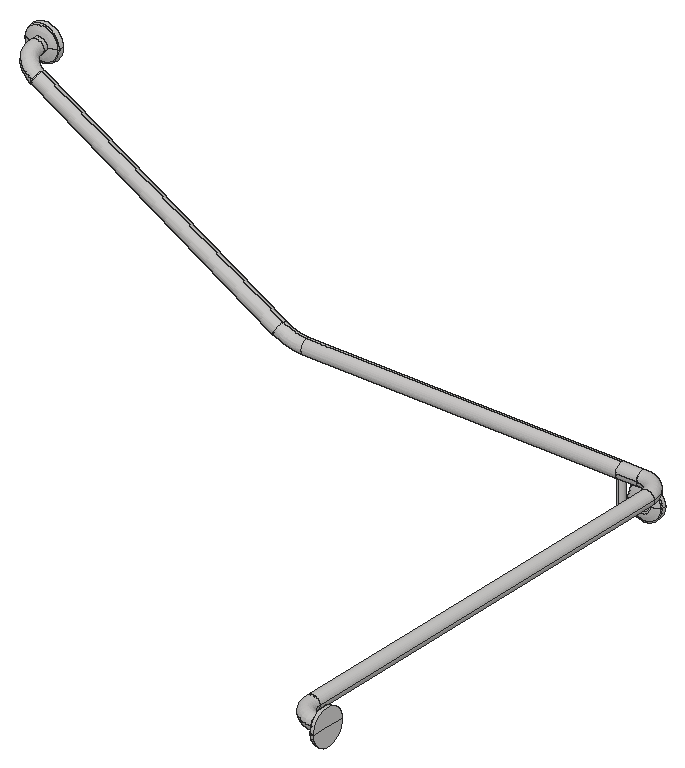
Revit family "Grab Rail_Metlam_30 Deg_Wrap Around_Right", category Specialty Equipment, Revit 2016
Family settings
  Part Type = Normal
  Round Connector Dimension = Use Diameter
  OmniClass Number = 23.40.20.21.47
  OmniClass Title = Bath Grab Bars
  Work Plane-Based = No
  Always vertical = Yes
  Cut with Voids When Loaded = No
  Shared = No
  Room Calculation Point = Yes
Parameters (values of type "1522w x 1116d x 382h (MLR114MKII)")
  Width = 1522 mm  # constant formula
  URL = "http://www.metlam.com.au/"
  Type Comments = "Grab Rails"  # constant formula
  Model = "MLR114MKII"
  Material_ANZRS = z_Metlam_Metal_Stainless Steel_Satin
  Manufacturer_Width = Width - 16 mm  # 1506 mm
  Manufacturer_URL__Product Specific = "https://www.metlam.com.au/product/content/grab-rails/MLR114MKII"
  Manufacturer_Spec Code = Model  # "MLR114MKII"
  Manufacturer_Height From FFL [instance] = 800 mm
  Manufacturer_Height = Height - 32 mm  # 350 mm
  Manufacturer_Depth = Depth - 16 mm  # 1100 mm
  Manufacturer = "Metlam"  # constant formula
  Keynote = ""
  Height = 382 mm  # constant formula
  Description = "30° Flush Mount Wrap Around Grab Rail RH"  # constant formula
  Depth = 1116 mm  # constant formula
  CreatedBy_ANZRS = "IGS BIM Solutions"  # constant formula
  CreatedByURL_ANZRS = "http://www.igsgroup.com.au/"
  Assembly Code = ""
Reference planes
  plane 1 "Ref. Level": z = 0
  plane 2 "Left Wall Mount_Centre (Elevation)": z = 784
  plane 3 "Middle Wall Mount_Centre (Elevation)": z = 691
  plane 4 "Bottom": z = 653
  plane 5 "Back": y = 610
  plane 6 "Right Wall Mount_Centre (Front/Back)": y = -490
  plane 7 "Right Wall Mount_Centre (Elevation)": z = 1134
  plane 8 "Top": z = 1173
  plane 9 "Angled Rail_Top": z = 1150
  plane 10 "Horizontal Rail_Bottom": z = 768
  plane 11 "Mounting Height": z = 800
  plane 12 "Horizontal Rail_Front": y = 520
  plane 13 "Front": y = -529
  plane 14 "Horizontal Rail End_Front": y = -506
  plane 15 "Horizontal Rail End_Back": y = -474
  plane 16 "Left Wall Mount_Centre (Left/Right)": x = -2104
  plane 17 "Right": x = -598
  plane 18 "Middle Wall Mount_Centre (Left/Right)": x = -768
  plane 19 "Angled Rail_Right": x = -2088
  plane 20 "Angled Rail_Left": x = -2120
  plane 21 "Left": x = -2143
  plane 22 "Horizontal Rail_Left": x = -688.218
Forms (mm)
  Sweep 1, solid, material "z_Metlam_Metal_Stainless Steel_Satin" <- "Material_ANZRS"
    path origin (-1029.969, 0, 784) x (0, -1, 0) y (-1, 0, 0)
      loop
        line (490, -408.969) -> (490, -407.751)
        arc (490, -407.751) -> (475.355, -372.396) -> (440, -357.751) r 50
        line (440, -357.751) -> (-486, -357.751)
        arc (-486, -357.751) -> (-521.355, -343.107) -> (-536, -307.751) r 50
        line (-536, -307.751) -> (-536, -261.969)
    profile origin (-621.609, -490, 784) x (0, -1, 0) y (0, 0, 1)
      loop
        circle (0, 0) r 16
  Revolve 2, solid, material "z_Metlam_Metal_Stainless Steel_Satin" <- "Material_ANZRS"
    sketch origin (-1196, 0, 1134) x (1, 0, 0) y (0, -1, 0)
      loop
        arc (-871.743, -599.373) -> (-881.591, -595.611) -> (-892, -593.938) r 51.397
        line (-892, -593.938) -> (-908, -593.938) -> (-908, -610) -> (-869, -610) -> (-870.401, -601.21)
        arc (-870.401, -601.21) -> (-870.851, -600.13) -> (-871.743, -599.373) r 2.5
      axis (-908, -593.938) -> (-908, -610)
    angle from 0 to 360
  Revolve 3, solid, material "z_Metlam_Metal_Stainless Steel_Satin" <- "Material_ANZRS"
    sketch origin (-2641.595, -1648, 784) x (1, 0, 0) y (0, 1, 0)
      loop
        line (2027.564, 1174) -> (2020.595, 1174) -> (2020.595, 1158) -> (2043.595, 1158) -> (2043.595, 1197) -> (2034.836, 1195.599)
        arc (2034.836, 1195.599) -> (2033.757, 1195.149) -> (2033, 1194.257) r 2.5
        arc (2033, 1194.257) -> (2029.238, 1184.409) -> (2027.564, 1174) r 51.397
      axis (2020.595, 1158) -> (2043.595, 1158)
    angle from 0 to 360
  Revolve 4, solid, material "z_Metlam_Metal_Stainless Steel_Satin" <- "Material_ANZRS"
    sketch origin (-768, 610, 691) x (1, 0, 0) y (0, -1, 0)
      loop
        line (38, 0) -> (37.609, 8.494)
        arc (37.609, 8.494) -> (37.213, 9.734) -> (36.246, 10.607) r 2.5
        arc (36.246, 10.607) -> (27.366, 14.116) -> (17.983, 15.888) r 50.422
        arc (17.983, 15.888) -> (16.426, 15.995) -> (14.865, 16.031) r 34
        line (14.865, 16.031) -> (0, 16.031) -> (0, 0) -> (38, 0)
      axis (0, 0) -> (0, 16.031)
    angle from 0 to 360
  Sweep 5, solid, material "z_Metlam_Metal_Stainless Steel_Satin" <- "Material_ANZRS"
    path origin (-768, 0, 0) x (0, 1, 0) y (0, 0, 1)
      loop
        line (593.969, 691) -> (561, 691)
        arc (561, 691) -> (543.322, 698.322) -> (536, 716) r 25
        line (536, 716) -> (536, 784)
    profile origin (-768, 577.485, 691) x (0, 0, 1) y (-1, 0, 0)
      loop
        circle (0, 0) r 7.5
  Sweep 6, solid, material "z_Metlam_Metal_Stainless Steel_Satin" <- "Material_ANZRS"
    path origin (-1196, 520, 0) x (1, 0, 0) y (0, 0, 1)
      loop
        line (428, 784) -> (-269.628, 784)
        arc (-269.628, 784) -> (-300.687, 788.089) -> (-329.628, 800.077) r 120
        line (-329.628, 800.077) -> (-864.699, 1109)
    profile origin (-1116.814, 520, 784) x (0, 0, 1) y (0, 1, 0)
      loop
        circle (0, 16) r 16
  Sweep 7, solid, material "z_Metlam_Metal_Stainless Steel_Satin" <- "Material_ANZRS"
    path origin (-1497.782, 81, 784) x (-0.866025, 0, 0.5) y (0, 1, 0)
      loop
        line (650, 455) -> (652, 455)
        arc (652, 455) -> (685.941, 469.059) -> (700, 503) r 48
        line (700, 503) -> (700, 512.938)
    profile origin (-2061.565, 536, 1109.5) x (0, 1, 0) y (-0.5, 0, -0.866025)
      loop
        circle (0, 0) r 16
Cuts and joins
  joined: Sweep 1, Revolve 2, Revolve 3, Revolve 4, Sweep 5, Sweep 6, Sweep 7
Lines and regions (mm)
  Masking region 1
    outline origin (-1196, 0, 1173) x (-1, 0, 0) y (0, -1, 0)
      loop
        line (-539.782, 440) -> (-539.782, -486)
        arc (-539.782, -486) -> (-520.451, -532.669) -> (-473.782, -552) r 66
        line (-473.782, -552) -> (-435.5, -552) -> (-435.5, -593.969) -> (-442.865, -593.969)
        arc (-442.865, -593.969) -> (-444.426, -594.005) -> (-445.983, -594.112) r 34
        arc (-445.983, -594.112) -> (-455.366, -595.884) -> (-464.246, -599.393) r 50.422
        arc (-464.246, -599.393) -> (-465.213, -600.266) -> (-465.609, -601.506) r 2.5
        line (-465.609, -601.506) -> (-466, -610) -> (-390, -610) -> (-390.391, -601.506)
        arc (-390.391, -601.506) -> (-390.787, -600.266) -> (-391.754, -599.393) r 2.5
        arc (-391.754, -599.393) -> (-400.634, -595.884) -> (-410.017, -594.112) r 50.422
        arc (-410.017, -594.112) -> (-411.574, -594.005) -> (-413.135, -593.969) r 34
        line (-413.135, -593.969) -> (-420.5, -593.969) -> (-420.5, -552) -> (862.5, -552)
        arc (862.5, -552) -> (883.36, -560.64) -> (892, -581.5) r 29.5
        line (892, -581.5) -> (892, -593.938)
        arc (892, -593.938) -> (881.591, -595.611) -> (871.743, -599.373) r 51.397
        arc (871.743, -599.373) -> (870.851, -600.13) -> (870.401, -601.21) r 2.5
        line (870.401, -601.21) -> (869, -610) -> (947, -610) -> (945.599, -601.21)
        arc (945.599, -601.21) -> (945.149, -600.13) -> (944.257, -599.373) r 2.5
        arc (944.257, -599.373) -> (934.409, -595.611) -> (924, -593.938) r 51.397
        line (924, -593.938) -> (924, -581.5)
        arc (924, -581.5) -> (905.987, -538.013) -> (862.5, -520) r 61.5
        line (862.5, -520) -> (-473.782, -520)
        arc (-473.782, -520) -> (-497.824, -510.042) -> (-507.782, -486) r 34
        line (-507.782, -486) -> (-507.782, 440)
        arc (-507.782, 440) -> (-527.113, 486.669) -> (-573.782, 506) r 66
        line (-573.782, 506) -> (-581.969, 506)
        arc (-581.969, 506) -> (-583.643, 516.409) -> (-587.405, 526.257) r 51.397
        arc (-587.405, 526.257) -> (-588.162, 527.149) -> (-589.241, 527.599) r 2.5
        line (-589.241, 527.599) -> (-598, 529) -> (-598, 451) -> (-589.241, 452.401)
        arc (-589.241, 452.401) -> (-588.162, 452.851) -> (-587.405, 453.743) r 2.5
        arc (-587.405, 453.743) -> (-583.643, 463.591) -> (-581.969, 474) r 51.397
        line (-581.969, 474) -> (-573.782, 474)
        arc (-573.782, 474) -> (-549.741, 464.042) -> (-539.782, 440) r 34
  reference lines
    curve 1: line (-1497.782, 520, 784) -> (-2104, 520, 1134)
  symbolic lines, style "Grab Rails", detail levels medium+fine
    curve 2: line (-2088, 593.938, 0) -> (-2120, 593.938, 0)
    curve 3: line (-760.5, 593.969, 0) -> (-775.5, 593.969, 0)
    curve 4: line (-760.5, 552, 0) -> (-775.5, 552, 0)
    curve 5: line (-614.031, -474, 0) -> (-614.031, -506, 0)
  symbolic lines, style "Grab Rails"
    curve 6: line (-1498, 544, 0) -> (-1498, 528, 0)
Text (mm)
  text "> Contact Manufacturer to confirm feasibility of design variations outside the scope of this Revit Family\n\n\n\nDisclaimer:\n\nDue to ongoing product development and manufacturing evolution, product details are subject to change without notice. Please refer to product technical data sheets on the manufacturer’s website for the most current product information. Please allow a +/- 5mm manufacturing tolerance for dimensions and set-outs shown in product literature." at (-350.147, 492.599, 0), in view "Ref. Level_Instruction"
Dimensions and locks
  "Manufacturer_Height From FFL": plane 11 "Mounting Height" to plane 1 "Ref. Level"
  "Depth": plane 5 "Back" to plane 14 "Horizontal Rail End_Front"
  "Manufacturer_Depth": plane 5 "Back" to plane 6 "Right Wall Mount_Centre (Front/Back)"
  locked: plane 15 "Horizontal Rail End_Back" to plane 6 "Right Wall Mount_Centre (Front/Back)" at 16
  locked: plane 14 "Horizontal Rail End_Front" to plane 13 "Front" at 23
  "Height": plane 9 "Angled Rail_Top" to plane 10 "Horizontal Rail_Bottom"
  locked: plane 3 "Middle Wall Mount_Centre (Elevation)" to plane 4 "Bottom" at 38
  locked: plane 11 "Mounting Height" to plane 2 "Left Wall Mount_Centre (Elevation)" at 16
  locked: plane 8 "Top" to plane 9 "Angled Rail_Top" at 23
  locked: plane 2 "Left Wall Mount_Centre (Elevation)" to plane 10 "Horizontal Rail_Bottom" at 16
  "Manufacturer_Height": plane 7 "Right Wall Mount_Centre (Elevation)" to plane 2 "Left Wall Mount_Centre (Elevation)"
  plane 9 "Angled Rail_Top" to plane 7 "Right Wall Mount_Centre (Elevation)" = 16 mm
  locked: plane 10 "Horizontal Rail_Bottom" to plane 3 "Middle Wall Mount_Centre (Elevation)" at 77
  locked: plane 5 "Back" to plane 12 "Horizontal Rail_Front" at 90
  locked: plane 17 "Right" to plane 18 "Middle Wall Mount_Centre (Left/Right)" at 170
  "Manufacturer_Width": plane 17 "Right" to plane 16 "Left Wall Mount_Centre (Left/Right)"
  locked: plane 20 "Angled Rail_Left" to plane 21 "Left" at 23
  locked: plane 19 "Angled Rail_Right" to plane 16 "Left Wall Mount_Centre (Left/Right)" at 16
  locked: plane 16 "Left Wall Mount_Centre (Left/Right)" to plane 20 "Angled Rail_Left" at 16
  locked: plane 17 "Right" to plane 22 "Horizontal Rail_Left" at 90.218
  locked: plane 17 "Right" to curve 6 at 900
  plane 17 "Right" to plane 20 "Angled Rail_Left" = 1522 mm
  aligned and locked: level to plane 1 "Ref. Level"
Automatic sketch dimensions
  curve 1 to plane 2 "Left Wall Mount_Centre (Elevation)" = 0 mm
  curve 1 to plane 7 "Right Wall Mount_Centre (Elevation)" = 0 mm
  plane 16 "Left Wall Mount_Centre (Left/Right)" to curve 1 = 0 mm
  curve 1 to plane 19 "Angled Rail_Right" = 590.218 mm
  Sweep 1 sketch curve to plane 18 "Middle Wall Mount_Centre (Left/Right)" = 0 mm
  Sweep 1 sketch curve to plane 6 "Right Wall Mount_Centre (Front/Back)" = 0 mm
  plane 22 "Horizontal Rail_Left" to Sweep 1 sketch curve = 16 mm
  Sweep 1 sketch curve to plane 15 "Horizontal Rail End_Back" = 34 mm
  plane 12 "Horizontal Rail_Front" to Sweep 1 sketch curve = 34 mm
  Sweep 1 sketch curve to plane 12 "Horizontal Rail_Front" = 16 mm
  Sweep 1 sketch curve to Sweep 1 sketch curve = 1.218 mm
  Sweep 1 sketch curve to plane 2 "Left Wall Mount_Centre (Elevation)" = 0 mm
  Sweep 1 sketch curve to profile plane = 0 mm
  Revolve 2 sketch curve to plane 16 "Left Wall Mount_Centre (Left/Right)" = 0 mm  (x2)
  Revolve 2 sketch curve to plane 19 "Angled Rail_Right" = 0 mm
  Revolve 2 sketch curve to plane 5 "Back" = 0 mm
  Revolve 2 sketch curve to plane 19 "Angled Rail_Right" = 2.911 mm
  plane 5 "Back" to Revolve 2 sketch curve = 8.395 mm
  plane 19 "Angled Rail_Right" to Revolve 2 sketch curve = 19.13 mm
  plane 5 "Back" to Revolve 2 sketch curve = 8.79 mm
  Revolve 2 sketch curve to Revolve 2 sketch curve = 2.469 mm
  Revolve 2 sketch curve to Revolve 2 sketch curve = 1.401 mm
  Revolve 2 sketch curve to plane 5 "Back" = 35.252 mm
  Revolve 2 sketch curve to Revolve 2 sketch curve = 16.062 mm
  Revolve 2 sketch curve to Revolve 2 sketch curve = 4.717 mm
  Revolve 2 sketch curve to Revolve 2 sketch curve = 6.031 mm
  Revolve 3 sketch curve to plane 15 "Horizontal Rail End_Back" = 0 mm
  Revolve 3 sketch curve to plane 6 "Right Wall Mount_Centre (Front/Back)" = 0 mm  (x2)
  Revolve 3 sketch curve to Revolve 3 sketch curve = 0.395 mm
  Revolve 3 sketch curve to Revolve 3 sketch curve = 6.969 mm
  Revolve 3 sketch curve to plane 15 "Horizontal Rail End_Back" = 2.911 mm
  plane 15 "Horizontal Rail End_Back" to Revolve 3 sketch curve = 19.13 mm
  Revolve 3 sketch curve to Revolve 3 sketch curve = 1.342 mm
  Revolve 3 sketch curve to Revolve 3 sketch curve = 1.401 mm
  Revolve 3 sketch curve to Revolve 3 sketch curve = 4.717 mm
  Revolve 4 sketch curve to plane 18 "Middle Wall Mount_Centre (Left/Right)" = 0 mm  (x2)
  Revolve 4 sketch curve to plane 5 "Back" = 0 mm  (x2)
  plane 18 "Middle Wall Mount_Centre (Left/Right)" to Revolve 4 sketch curve = 13.36 mm
  plane 18 "Middle Wall Mount_Centre (Left/Right)" to Revolve 4 sketch curve = 14.865 mm
  plane 5 "Back" to Revolve 4 sketch curve = 8.379 mm
  Revolve 4 sketch curve to Revolve 4 sketch curve = 20.246 mm
  plane 5 "Back" to Revolve 4 sketch curve = 8.494 mm
  Revolve 4 sketch curve to Revolve 4 sketch curve = 2.497 mm
  Revolve 4 sketch curve to Revolve 4 sketch curve = 0.391 mm
  Revolve 4 sketch curve to plane 5 "Back" = 17.969 mm
  Revolve 4 sketch curve to Revolve 4 sketch curve = 16.353 mm
  plane 5 "Back" to Revolve 4 sketch curve = 16.031 mm
  Revolve 4 sketch curve to Revolve 4 sketch curve = 0 mm
  Revolve 4 sketch curve to Revolve 4 sketch curve = 11.61 mm
  Sweep 5 sketch curve to plane 2 "Left Wall Mount_Centre (Elevation)" = 0 mm
  Sweep 5 sketch curve to plane 3 "Middle Wall Mount_Centre (Elevation)" = 0 mm
  Sweep 5 sketch curve to plane 12 "Horizontal Rail_Front" = 16 mm
  Sweep 5 sketch curve to plane 3 "Middle Wall Mount_Centre (Elevation)" = 25 mm
  plane 5 "Back" to Sweep 5 sketch curve = 16.031 mm
  Sweep 5 sketch curve to profile plane = 0 mm
  profile plane to Sweep 5 sketch curve = 0 mm
  Sweep 6 sketch curve to plane 2 "Left Wall Mount_Centre (Elevation)" = 0 mm
  plane 18 "Middle Wall Mount_Centre (Left/Right)" to Sweep 6 sketch curve = 0 mm
  plane 19 "Angled Rail_Right" to Sweep 6 sketch curve = 622.372 mm
  Sweep 6 sketch curve to plane 11 "Mounting Height" = 0.077 mm
  Sweep 6 sketch curve to Sweep 6 sketch curve = 60 mm
  plane 19 "Angled Rail_Right" to Sweep 6 sketch curve = 27.301 mm
  plane 7 "Right Wall Mount_Centre (Elevation)" to Sweep 6 sketch curve = 25 mm
  profile plane to Sweep 6 sketch curve = 0 mm
  plane 12 "Horizontal Rail_Front" to Sweep 6 sketch curve = 16 mm
  Sweep 7 sketch curve to curve 1 = 0 mm
  curve 1 to Sweep 7 sketch curve = 64 mm
  curve 1 to Sweep 7 sketch curve = 73.938 mm
  Sweep 7 sketch curve to curve 1 = 16 mm
  Sweep 7 sketch curve to Sweep 7 sketch curve = 2 mm
  profile plane to Sweep 7 sketch curve = 0 mm
  Sweep 7 sketch curve to profile plane = 0 mm
  Revolve 3 sketch curve to plane 17 "Right" = 0 mm
  plane 17 "Right" to Revolve 3 sketch curve = 8.364 mm
  plane 17 "Right" to Revolve 3 sketch curve = 16.031 mm
  Revolve 3 sketch curve to plane 17 "Right" = 35.283 mm
  plane 17 "Right" to Revolve 3 sketch curve = 10 mm
  Masking region 1 sketch curve to Masking region 1 sketch curve = 0 mm  (x11)
  Masking region 1 sketch curve to plane 17 "Right" = 0 mm
  Masking region 1 sketch curve to plane 14 "Horizontal Rail End_Front" = 0 mm
  Masking region 1 sketch curve to plane 15 "Horizontal Rail End_Back" = 0 mm
  Masking region 1 sketch curve to plane 22 "Horizontal Rail_Left" = 0 mm
  Masking region 1 sketch curve to plane 12 "Horizontal Rail_Front" = 0 mm
  Masking region 1 sketch curve to plane 5 "Back" = 0 mm  (x2)
  Masking region 1 sketch curve to plane 19 "Angled Rail_Right" = 0 mm
  Masking region 1 sketch curve to plane 20 "Angled Rail_Left" = 0 mm
  Masking region 1 sketch curve to plane 21 "Left" = 0 mm
  Masking region 1 sketch curve to plane 13 "Front" = 0 mm
  plane 14 "Horizontal Rail End_Front" to Masking region 1 sketch curve = 2.911 mm
  Masking region 1 sketch curve to plane 17 "Right" = 35.283 mm
  Masking region 1 sketch curve to plane 15 "Horizontal Rail End_Back" = 2.911 mm
  plane 13 "Front" to Masking region 1 sketch curve = 3.87 mm
  plane 17 "Right" to Masking region 1 sketch curve = 8.364 mm  (x2)
  plane 13 "Front" to Masking region 1 sketch curve = 1.401 mm
  Masking region 1 sketch curve to Masking region 1 sketch curve = 0.395 mm  (x4)
  plane 17 "Right" to Masking region 1 sketch curve = 16.031 mm  (x2)
  Masking region 1 sketch curve to Masking region 1 sketch curve = 8.187 mm
  Masking region 1 sketch curve to Masking region 1 sketch curve = 34 mm
  Masking region 1 sketch curve to plane 18 "Middle Wall Mount_Centre (Left/Right)" = 38 mm
  Masking region 1 sketch curve to plane 5 "Back" = 8.494 mm  (x2)
  Masking region 1 sketch curve to Masking region 1 sketch curve = 0.391 mm  (x2)
  Masking region 1 sketch curve to Masking region 1 sketch curve = 2.497 mm  (x2)
  Masking region 1 sketch curve to plane 18 "Middle Wall Mount_Centre (Left/Right)" = 14.865 mm
  Masking region 1 sketch curve to plane 18 "Middle Wall Mount_Centre (Left/Right)" = 13.36 mm
  Masking region 1 sketch curve to Masking region 1 sketch curve = 7.365 mm
  plane 18 "Middle Wall Mount_Centre (Left/Right)" to Masking region 1 sketch curve = 7.5 mm
  plane 18 "Middle Wall Mount_Centre (Left/Right)" to Masking region 1 sketch curve = 13.36 mm
  plane 18 "Middle Wall Mount_Centre (Left/Right)" to Masking region 1 sketch curve = 14.865 mm
  Masking region 1 sketch curve to plane 5 "Back" = 8.379 mm
  Masking region 1 sketch curve to Masking region 1 sketch curve = 20.246 mm
  Masking region 1 sketch curve to plane 19 "Angled Rail_Right" = 29.5 mm
  Masking region 1 sketch curve to plane 19 "Angled Rail_Right" = 23 mm
  Masking region 1 sketch curve to plane 5 "Back" = 8.79 mm
  Masking region 1 sketch curve to Masking region 1 sketch curve = 1.401 mm  (x2)
  Masking region 1 sketch curve to Masking region 1 sketch curve = 2.469 mm  (x2)
  plane 19 "Angled Rail_Right" to Masking region 1 sketch curve = 2.911 mm
  Masking region 1 sketch curve to plane 20 "Angled Rail_Left" = 2.911 mm
  Masking region 1 sketch curve to plane 21 "Left" = 3.87 mm
  Masking region 1 sketch curve to plane 21 "Left" = 1.401 mm
  plane 5 "Back" to Masking region 1 sketch curve = 17.969 mm  (x2)
  Masking region 1 sketch curve to Masking region 1 sketch curve = 16.353 mm  (x2)
  plane 5 "Back" to Masking region 1 sketch curve = 35.252 mm
  Masking region 1 sketch curve to Masking region 1 sketch curve = 0.115 mm
  Masking region 1 sketch curve to plane 5 "Back" = 8.395 mm
  Masking region 1 sketch curve to plane 5 "Back" = 16.031 mm
  Masking region 1 sketch curve to Masking region 1 sketch curve = 12.438 mm  (x2)
  plane 15 "Horizontal Rail End_Back" to Masking region 1 sketch curve = 23 mm
  curve 2 to plane 20 "Angled Rail_Left" = 0 mm
  curve 2 to plane 19 "Angled Rail_Right" = 0 mm
  curve 5 to plane 14 "Horizontal Rail End_Front" = 0 mm
  curve 5 to plane 15 "Horizontal Rail End_Back" = 0 mm
  plane 18 "Middle Wall Mount_Centre (Left/Right)" to curve 3 = 7.5 mm
  plane 18 "Middle Wall Mount_Centre (Left/Right)" to curve 4 = 7.5 mm
  curve 3 to plane 18 "Middle Wall Mount_Centre (Left/Right)" = 7.5 mm
  curve 4 to plane 18 "Middle Wall Mount_Centre (Left/Right)" = 7.5 mm
  plane 17 "Right" to curve 5 = 16.031 mm
  plane 12 "Horizontal Rail_Front" to curve 6 = 8 mm
  curve 6 to curve 6 = 16 mm
  plane 12 "Horizontal Rail_Front" to curve 4 = 32 mm
  curve 2 to plane 5 "Back" = 16.062 mm
  curve 3 to plane 5 "Back" = 16.031 mm
  radius of Sweep 1 sketch curve = 16 mm
  radius of Sweep 5 sketch curve = 7.5 mm
  radius of Sweep 6 sketch curve = 16 mm
  radius of Sweep 7 sketch curve = 16 mm
